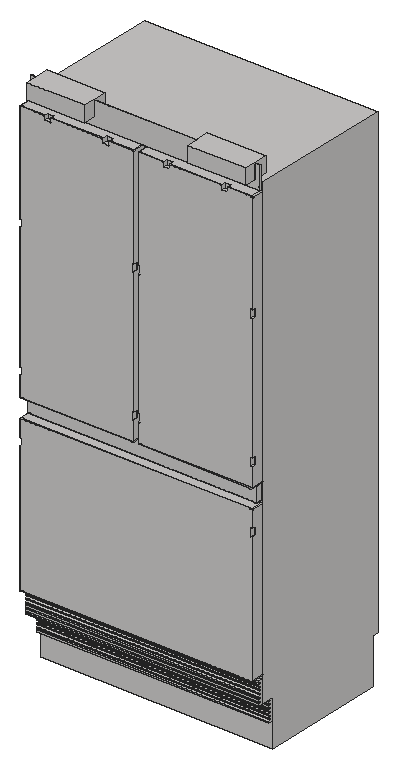
Revit family "FP_TheKitchenTools_RS36A80J1_CustomPanels_Fridge", category Generic Models, Revit 2013
Parameters
  Width = 906 mm
  URL = "https://www.fisherpaykel.com/nz/kitchen/fridges-freezers/"
  Model = "FP_TheKitchenTools_RS36A80J1_CustomPanels_Fridge"
  Manufacturer = "Fisher & Paykel"
  Main = Stainless Steel, Polished
  Legs = Rubber, Black
  Height = 2028 mm
  Handles = Stainless Steel, Polished
  Grille = Stainless Steel, Polished
  Doors = Stainless Steel, Polished
  Depth = 620 mm
Reference planes
  plane 1 "Center (Front/Back)": y = 0
  plane 2: z = 0
  plane 3 "Center (Left/Right)": x = 0
  plane 4: x = -453
  plane 5: x = 453
  plane 6: x = -438.8
  plane 7: x = 439.2
Forms (mm)
  Extrusion 1, solid, material "Stainless Steel, Polished" <- "Main"
    sketch origin (0, 0, 0) x (0, 1, 0) y (0, 0, 1)
      loop
        line (102, 6) -> (582, 6) -> (582, 182) -> (602, 182) -> (602, 1969.5) -> (52, 1969.5) -> (52, 182) -> (102, 182) -> (102, 6)
    from -444.8 to 445.2
  Extrusion 2, solid, material "Stainless Steel, Polished" <- "Grille"
    sketch origin (0, 0, 0) x (0, 1, 0) y (0, 0, 1)
      loop
        line (84.5, 101.613) -> (102, 101.308) -> (102, 182) -> (55, 182) -> (55, 178.5) -> (92.5, 177.518) -> (92.5, 172.018) -> (84.5, 171.599) -> (84.5, 167.099) -> (92.5, 165.688) -> (92.5, 158.921) -> (84.5, 158.502) -> (84.5, 154.002) -> (92.5, 152.591) -> (92.5, 145.824) -> (84.5, 145.404) -> (84.5, 140.904) -> (92.5, 139.494) -> (92.5, 132.727) -> (84.5, 132.307) -> (84.5, 127.807) -> (92.5, 126.397) -> (92.5, 119.629) -> (84.5, 119.21) -> (84.5, 114.71) -> (92.5, 113.3) -> (92.5, 106.532) -> (84.5, 106.113) -> (84.5, 101.613)
      loop
        line (52, 266.305) -> (34.5, 266) -> (34.5, 261.5) -> (42.5, 261.081) -> (42.5, 254.313) -> (34.5, 252.903) -> (34.5, 248.403) -> (42.5, 247.984) -> (42.5, 241.216) -> (34.5, 239.806) -> (34.5, 235.306) -> (42.5, 234.886) -> (42.5, 228.119) -> (34.5, 226.709) -> (34.5, 222.209) -> (42.5, 221.789) -> (42.5, 215.022) -> (34.5, 213.611) -> (34.5, 209.111) -> (42.5, 208.692) -> (42.5, 201.925) -> (34.5, 200.514) -> (34.5, 196.014) -> (42.5, 195.595) -> (42.5, 188.828) -> (34.5, 187.417) -> (34.5, 182.917) -> (52, 182) -> (52, 266.305)
    from -444.8 to 445.2
  Extrusion 3, solid, material "Rubber, Black" <- "Legs"
    sketch origin (0, 0, 0) x (0, 1, 0) y (0, 0, 1)
      loop
        line (568.248, 6) -> (535.752, 6)
        arc (535.752, 6) -> (552, 0) -> (568.248, 6) r 25
      loop
        line (148.248, 6) -> (115.752, 6)
        arc (115.752, 6) -> (132, -0.022) -> (148.248, 6) r 24.931
    from -434.8 to -384.8
  Extrusion 4, solid, material "Rubber, Black" <- "Legs"
    sketch origin (0, 0, 0) x (0, 1, 0) y (0, 0, -1)
      loop
        arc (568.248, -6) -> (552, 0) -> (535.752, -6) r 25
        line (535.752, -6) -> (568.248, -6)
      loop
        arc (148.248, -6) -> (132, 0.022) -> (115.752, -6) r 24.931
        line (115.752, -6) -> (148.248, -6)
    from -435.2 to -385.2
  Extrusion 5, solid, material "Stainless Steel, Polished" <- "Main"
    sketch origin (0, 0, 0) x (0, 1, 0) y (0, 0, 1)
      loop
        line (52, 868.5) -> (5, 868.5) -> (5, 276.5) -> (52, 276.5) -> (52, 868.5)
      loop
        line (52, 874.5) -> (52, 934.5) -> (36, 934.5)
        arc (36, 934.5) -> (35.293, 934.207) -> (35, 933.5) r 1
        line (35, 933.5) -> (35, 875.5)
        arc (35, 875.5) -> (35.293, 874.793) -> (36, 874.5) r 1
        line (36, 874.5) -> (52, 874.5)
      loop
        line (52, 938.6) -> (52, 1939.6) -> (5, 1939.6) -> (5, 938.6) -> (52, 938.6)
    from -444.8 to 445.2
  Extrusion 6, solid, material "Stainless Steel, Polished" <- "Main"
    sketch origin (0, 0, 0) x (1, 0, 0) y (0, 1, 0)
      loop
        line (-417.901, 100) -> (-417.901, 5) -> (-195.3, 5) -> (-195.3, 100) -> (-417.901, 100)
      loop
        line (195.599, 100) -> (195.599, 5) -> (418.099, 5) -> (418.099, 100) -> (195.599, 100)
    from 1969.5 to 2028
  Extrusion 7, void
    sketch origin (0, 0, 0) x (1, 0, 0) y (0, 0, 1)
      loop
        line (-444.8, 276.5) -> (-441.3, 276.5)
        arc (-441.3, 276.5) -> (-443.775, 277.525) -> (-444.8, 280) r 3.5
        line (-444.8, 280) -> (-444.8, 276.5)
      loop
        line (441.7, 276.5) -> (445.2, 276.5) -> (445.2, 280)
        arc (445.2, 280) -> (444.175, 277.525) -> (441.7, 276.5) r 3.5
      loop
        arc (-444.8, 865) -> (-443.775, 867.475) -> (-441.3, 868.5) r 3.5
        line (-441.3, 868.5) -> (-444.8, 868.5) -> (-444.8, 865)
      loop
        line (445.2, 865) -> (445.2, 868.5) -> (441.7, 868.5)
        arc (441.7, 868.5) -> (444.175, 867.475) -> (445.2, 865) r 3.5
      loop
        line (-444.8, 942.113) -> (-444.8, 938.6) -> (-441.287, 938.6)
        arc (-441.287, 938.6) -> (-443.771, 939.629) -> (-444.8, 942.113) r 3.513
      loop
        line (441.713, 938.6) -> (445.2, 938.6) -> (445.2, 942.087)
        arc (445.2, 942.087) -> (444.179, 939.621) -> (441.713, 938.6) r 3.487
      loop
        arc (-444.8, 1936.1) -> (-443.775, 1938.575) -> (-441.3, 1939.6) r 3.5
        line (-441.3, 1939.6) -> (-444.8, 1939.6) -> (-444.8, 1936.1)
      loop
        line (445.2, 1936.1) -> (445.2, 1939.6) -> (441.7, 1939.6)
        arc (441.7, 1939.6) -> (444.175, 1938.575) -> (445.2, 1936.1) r 3.5
      loop
        arc (-11.05, 1939.6) -> (-8.575, 1938.575) -> (-7.55, 1936.1) r 3.5
        line (-7.55, 1936.1) -> (-7.55, 942.113)
        arc (-7.55, 942.113) -> (-8.579, 939.629) -> (-11.063, 938.6) r 3.513
        line (-11.063, 938.6) -> (11.45, 938.6)
        arc (11.45, 938.6) -> (8.975, 939.625) -> (7.95, 942.1) r 3.5
        line (7.95, 942.1) -> (7.95, 1936.1)
        arc (7.95, 1936.1) -> (8.975, 1938.575) -> (11.45, 1939.6) r 3.5
        line (11.45, 1939.6) -> (-11.05, 1939.6)
      loop
        line (445.2, 874.5) -> (445.2, 934.5) -> (438.1, 934.5)
        arc (438.1, 934.5) -> (438.807, 934.207) -> (439.1, 933.5) r 1
        line (439.1, 933.5) -> (439.1, 875.5)
        arc (439.1, 875.5) -> (438.807, 874.793) -> (438.1, 874.5) r 1
        line (438.1, 874.5) -> (445.2, 874.5)
      loop
        line (-444.8, 874.5) -> (-437.7, 874.5)
        arc (-437.7, 874.5) -> (-438.407, 874.793) -> (-438.7, 875.5) r 1
        line (-438.7, 875.5) -> (-438.7, 933.5)
        arc (-438.7, 933.5) -> (-438.407, 934.207) -> (-437.7, 934.5) r 1
        line (-437.7, 934.5) -> (-444.8, 934.5) -> (-444.8, 874.5)
    from -52 to -5
  Extrusion 8, void
    sketch origin (0, 0, 0) x (1, 0, 0) y (0, 0, 1)
      loop
        line (-444.8, 772.5) -> (-437.6, 772.5) -> (-437.6, 802.5) -> (-444.8, 802.5) -> (-444.8, 772.5)
      loop
        line (445.2, 772.5) -> (445.2, 802.5) -> (438, 802.5) -> (438, 772.5) -> (445.2, 772.5)
      loop
        line (445.2, 1014.6) -> (445.2, 1044.6) -> (438, 1044.6) -> (438, 1014.6) -> (445.2, 1014.6)
      loop
        line (-7.55, 1014.6) -> (-7.55, 1044.6) -> (-14.75, 1044.6) -> (-14.75, 1014.6) -> (-7.55, 1014.6)
      loop
        line (7.95, 1014.6) -> (15.15, 1014.6) -> (15.15, 1044.6) -> (7.95, 1044.6) -> (7.95, 1014.6)
      loop
        line (-437.6, 1014.6) -> (-437.6, 1044.6) -> (-444.8, 1044.6) -> (-444.8, 1014.6) -> (-437.6, 1014.6)
      loop
        line (-437.6, 1522.1) -> (-437.6, 1552.1) -> (-444.8, 1552.1) -> (-444.8, 1522.1) -> (-437.6, 1522.1)
      loop
        line (-14.75, 1522.1) -> (-7.55, 1522.1) -> (-7.55, 1552.1) -> (-14.75, 1552.1) -> (-14.75, 1522.1)
      loop
        line (7.95, 1522.1) -> (15.15, 1522.1) -> (15.15, 1552.1) -> (7.95, 1552.1) -> (7.95, 1522.1)
      loop
        line (445.2, 1522.1) -> (445.2, 1552.1) -> (438, 1552.1) -> (438, 1522.1) -> (445.2, 1522.1)
      loop
        line (-349.05, 1939.6) -> (-349.05, 1923) -> (-326.05, 1923) -> (-326.05, 1939.6) -> (-349.05, 1939.6)
      loop
        line (-126.3, 1939.6) -> (-126.3, 1923) -> (-103.3, 1923) -> (-103.3, 1939.6) -> (-126.3, 1939.6)
      loop
        line (103.7, 1939.6) -> (103.7, 1923) -> (126.7, 1923) -> (126.7, 1939.6) -> (103.7, 1939.6)
      loop
        line (326.45, 1939.6) -> (326.45, 1923) -> (349.45, 1923) -> (349.45, 1939.6) -> (326.45, 1939.6)
    from -20 to -5
  Extrusion 9, solid, material "Stainless Steel, Polished" <- "Main"
    sketch origin (0, 0, 0) x (0, 1, 0) y (0, 0, 1)
      loop
        line (48, 1939.6) -> (50, 1939.6) -> (50, 1948.2)
        spline (50, 1948.2) -> (50.259, 1948.251) -> (50.5, 1948.401) -> (50.707, 1948.639) -> (50.866, 1948.95) -> (50.966, 1949.312) -> (51, 1949.7) -> (50.966, 1950.088) -> (50.866, 1950.45) -> (50.707, 1950.761) -> (50.5, 1950.999) -> (50.259, 1951.149) -> (50, 1951.2)
        line (50, 1951.2) -> (50, 2028) -> (48, 2028) -> (48, 1939.6)
    from -438.8 to 439.2
  Extrusion 10, void
    sketch origin (0, 0, 0) x (1, 0, 0) y (0, 1, 0)
      loop
        line (-444.8, 6.1) -> (-444.8, 5) -> (-443.7, 5)
        arc (-443.7, 5) -> (-444.478, 5.322) -> (-444.8, 6.1) r 1.1
      loop
        line (444.1, 5) -> (445.2, 5) -> (445.2, 6.1)
        arc (445.2, 6.1) -> (444.878, 5.322) -> (444.1, 5) r 1.1
    from 276.5 to 1939.6
  Extrusion 11, void
    sketch origin (0, 0, 0) x (0, 1, 0) y (0, 0, 1)
      loop
        arc (6.1, 276.5) -> (5.322, 276.822) -> (5, 277.6) r 1.1
        line (5, 277.6) -> (5, 276.5) -> (6.1, 276.5)
      loop
        arc (5, 867.4) -> (5.322, 868.178) -> (6.1, 868.5) r 1.1
        line (6.1, 868.5) -> (5, 868.5) -> (5, 867.4)
      loop
        arc (6.1, 938.6) -> (5.322, 938.922) -> (5, 939.7) r 1.1
        line (5, 939.7) -> (5, 938.6) -> (6.1, 938.6)
      loop
        line (6.1, 1939.6) -> (5, 1939.6) -> (5, 1938.5)
        arc (5, 1938.5) -> (5.322, 1939.278) -> (6.1, 1939.6) r 1.1
    from -443.7 to 444.1
Cuts and joins
  Extrusion 7, Extrusion 8, Extrusion 10, Extrusion 11 cuts Extrusion 5
  joined: Extrusion 6, Extrusion 9
Dimensions and locks
  equal spacing: plane 5, plane 3 "Center (Left/Right)", plane 4
  "Width": plane 5 to plane 4
  aligned and locked: plane 2 to level
Automatic sketch dimensions
  Extrusion 1 sketch curve to plane 1 "Center (Front/Back)" = 52 mm
  level to Extrusion 1 sketch curve = 6 mm
  Extrusion 1 sketch curve to Extrusion 1 sketch curve = 50 mm
  Extrusion 1 sketch curve to Extrusion 1 sketch curve = 480 mm
  Extrusion 1 sketch curve to Extrusion 1 sketch curve = 20 mm
  Extrusion 1 sketch curve to Extrusion 1 sketch curve = 176 mm  (x2)
  Extrusion 1 sketch curve to Extrusion 1 sketch curve = 0 mm
  Extrusion 1 sketch curve to Extrusion 1 sketch curve = 1787.5 mm
  level to Extrusion 3 sketch curve = 6 mm  (x2)
  Extrusion 3 sketch curve to plane 1 "Center (Front/Back)" = 115.752 mm
  Extrusion 3 sketch curve to Extrusion 3 sketch curve = 32.496 mm  (x2)
  Extrusion 3 sketch curve to Extrusion 3 sketch curve = 387.504 mm
  level to Extrusion 3 sketch curve = 24.909 mm
  level to Extrusion 3 sketch curve = 25 mm
  level to Extrusion 4 sketch curve = 6 mm  (x2)
  Extrusion 4 sketch curve to plane 1 "Center (Front/Back)" = 115.752 mm
  Extrusion 4 sketch curve to Extrusion 4 sketch curve = 32.496 mm  (x2)
  Extrusion 4 sketch curve to Extrusion 4 sketch curve = 387.504 mm
  level to Extrusion 4 sketch curve = 25 mm
  level to Extrusion 4 sketch curve = 24.909 mm
  Extrusion 5 sketch curve to plane 1 "Center (Front/Back)" = 52 mm
  level to Extrusion 5 sketch curve = 276.5 mm
  Extrusion 5 sketch curve to Extrusion 5 sketch curve = 17 mm
  Extrusion 5 sketch curve to Extrusion 5 sketch curve = 1 mm  (x2)
  Extrusion 5 sketch curve to Extrusion 5 sketch curve = 0 mm
  Extrusion 5 sketch curve to Extrusion 5 sketch curve = 592 mm
  Extrusion 5 sketch curve to Extrusion 5 sketch curve = 6 mm
  Extrusion 5 sketch curve to Extrusion 5 sketch curve = 58 mm
  Extrusion 5 sketch curve to Extrusion 5 sketch curve = 5.1 mm
  Extrusion 5 sketch curve to Extrusion 5 sketch curve = 1001 mm
  Extrusion 6 sketch curve to plane 1 "Center (Front/Back)" = 5 mm  (x2)
  plane 4 to Extrusion 6 sketch curve = 35.099 mm
  Extrusion 6 sketch curve to plane 3 "Center (Left/Right)" = 195.3 mm
  plane 3 "Center (Left/Right)" to Extrusion 6 sketch curve = 195.599 mm
  Extrusion 6 sketch curve to plane 5 = 34.901 mm
  Extrusion 6 sketch curve to Extrusion 6 sketch curve = 95 mm  (x2)
  Extrusion 2 sketch curve to plane 1 "Center (Front/Back)" = 34.5 mm  (x2)
  level to Extrusion 2 sketch curve = 101.308 mm
  Extrusion 2 sketch curve to Extrusion 2 sketch curve = 0 mm  (x17)
  Extrusion 2 sketch curve to Extrusion 2 sketch curve = 8 mm  (x5)
  Extrusion 2 sketch curve to Extrusion 2 sketch curve = 9.5 mm  (x2)
  Extrusion 2 sketch curve to Extrusion 2 sketch curve = 3 mm
  Extrusion 2 sketch curve to Extrusion 2 sketch curve = 29.5 mm  (x2)
  Extrusion 2 sketch curve to Extrusion 2 sketch curve = 0.305 mm
  Extrusion 2 sketch curve to Extrusion 2 sketch curve = 4.5 mm  (x13)
  Extrusion 2 sketch curve to Extrusion 2 sketch curve = 0.419 mm  (x7)
  Extrusion 2 sketch curve to Extrusion 2 sketch curve = 6.767 mm  (x11)
  Extrusion 2 sketch curve to Extrusion 2 sketch curve = 1.411 mm  (x6)
  Extrusion 2 sketch curve to Extrusion 2 sketch curve = 6.33 mm  (x10)
  Extrusion 2 sketch curve to Extrusion 2 sketch curve = 5.5 mm
  Extrusion 2 sketch curve to Extrusion 2 sketch curve = 6.901 mm
  Extrusion 2 sketch curve to Extrusion 2 sketch curve = 3.5 mm
  Extrusion 2 sketch curve to Extrusion 2 sketch curve = 0.917 mm
  Extrusion 2 sketch curve to Extrusion 2 sketch curve = 5.225 mm
  plane 4 to Extrusion 7 sketch curve = 8.2 mm  (x3)
  level to Extrusion 7 sketch curve = 276.5 mm  (x2)
  Extrusion 7 sketch curve to Extrusion 7 sketch curve = 0 mm  (x5)
  Extrusion 7 sketch curve to Extrusion 7 sketch curve = 3.5 mm  (x9)
  Extrusion 7 sketch curve to Extrusion 7 sketch curve = 3.513 mm
  Extrusion 7 sketch curve to Extrusion 7 sketch curve = 2.587 mm
  Extrusion 7 sketch curve to Extrusion 7 sketch curve = 1 mm  (x3)
  Extrusion 7 sketch curve to plane 3 "Center (Left/Right)" = 11.063 mm
  Extrusion 7 sketch curve to plane 3 "Center (Left/Right)" = 11.05 mm
  plane 3 "Center (Left/Right)" to Extrusion 7 sketch curve = 7.95 mm
  Extrusion 7 sketch curve to plane 5 = 14.9 mm  (x2)
  Extrusion 7 sketch curve to plane 5 = 11.3 mm  (x2)
  Extrusion 7 sketch curve to Extrusion 7 sketch curve = 3.6 mm
  Extrusion 7 sketch curve to Extrusion 7 sketch curve = 3.613 mm
  Extrusion 7 sketch curve to Extrusion 7 sketch curve = 3.487 mm
  Extrusion 7 sketch curve to Extrusion 7 sketch curve = 585 mm  (x2)
  Extrusion 7 sketch curve to Extrusion 7 sketch curve = 6 mm  (x2)
  Extrusion 7 sketch curve to Extrusion 7 sketch curve = 58 mm  (x2)
  Extrusion 7 sketch curve to Extrusion 7 sketch curve = 4.1 mm  (x3)
  Extrusion 7 sketch curve to Extrusion 7 sketch curve = 994.013 mm
  plane 4 to Extrusion 8 sketch curve = 8.2 mm  (x3)
  level to Extrusion 8 sketch curve = 772.5 mm  (x2)
  Extrusion 8 sketch curve to Extrusion 8 sketch curve = 7.2 mm  (x10)
  plane 4 to Extrusion 8 sketch curve = 103.95 mm
  Extrusion 8 sketch curve to Extrusion 8 sketch curve = 23 mm  (x4)
  Extrusion 8 sketch curve to plane 3 "Center (Left/Right)" = 126.3 mm
  Extrusion 8 sketch curve to plane 3 "Center (Left/Right)" = 14.75 mm  (x2)
  plane 3 "Center (Left/Right)" to Extrusion 8 sketch curve = 7.95 mm  (x2)
  plane 3 "Center (Left/Right)" to Extrusion 8 sketch curve = 103.7 mm
  Extrusion 8 sketch curve to plane 5 = 126.55 mm
  Extrusion 8 sketch curve to plane 5 = 15 mm  (x3)
  Extrusion 8 sketch curve to Extrusion 8 sketch curve = 30 mm  (x8)
  Extrusion 8 sketch curve to Extrusion 8 sketch curve = 212.1 mm  (x2)
  Extrusion 8 sketch curve to Extrusion 8 sketch curve = 0 mm  (x8)
  Extrusion 8 sketch curve to Extrusion 8 sketch curve = 477.5 mm  (x2)
  Extrusion 8 sketch curve to Extrusion 8 sketch curve = 370.9 mm  (x2)
  Extrusion 8 sketch curve to Extrusion 8 sketch curve = 16.6 mm  (x4)
  Extrusion 9 sketch curve to plane 1 "Center (Front/Back)" = 48 mm
  level to Extrusion 9 sketch curve = 1939.6 mm
  Extrusion 9 sketch curve to Extrusion 9 sketch curve = 2 mm
  Extrusion 9 sketch curve to Extrusion 9 sketch curve = 88.4 mm
  Extrusion 9 sketch curve to Extrusion 9 sketch curve = 8.6 mm
  Extrusion 9 sketch curve to Extrusion 9 sketch curve = 1.5 mm
  Extrusion 10 sketch curve to plane 6 = 6 mm
  Extrusion 10 sketch curve to plane 1 "Center (Front/Back)" = 5 mm
  Extrusion 10 sketch curve to Extrusion 10 sketch curve = 1.1 mm  (x2)
  plane 7 to Extrusion 10 sketch curve = 6 mm
  Extrusion 10 sketch curve to plane 1 "Center (Front/Back)" = 6.1 mm
  Extrusion 5 sketch curve to plane 1 "Center (Front/Back)" = 5 mm  (x2)
  Extrusion 5 sketch curve to Extrusion 5 sketch curve = 16 mm
  Extrusion 11 sketch curve to plane 1 "Center (Front/Back)" = 5 mm  (x4)
  level to Extrusion 11 sketch curve = 276.5 mm
  Extrusion 11 sketch curve to Extrusion 11 sketch curve = 1.1 mm  (x4)
  Extrusion 11 sketch curve to Extrusion 11 sketch curve = 589.8 mm
  Extrusion 11 sketch curve to Extrusion 11 sketch curve = 70.1 mm
  Extrusion 11 sketch curve to Extrusion 11 sketch curve = 999.9 mm
